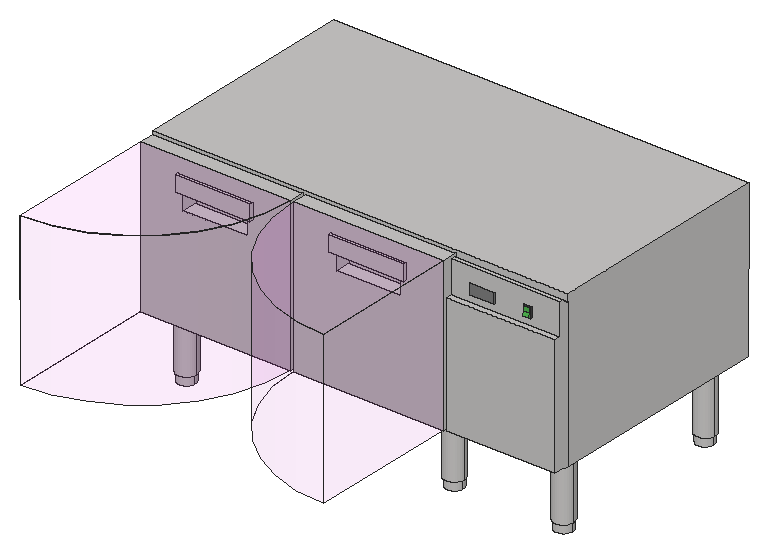
Revit family "QF_ELECTROLUXPROFESSIONAL_371371_E7TTCPCOMIN", category Specialty Equipment, Revit 2018
Family settings
  Round Connector Dimension = Use Diameter
  Part Type = Normal
  Work Plane-Based = No
  Always vertical = Yes
  Cut with Voids When Loaded = No
  Shared = No
  Room Calculation Point = No
Parameters
  Weight = 95.00 kg
  Watts = 0 W
  Volts = 0 V
  URL Manufacturer = ""
  URL = ""
  Steam Supply Size = 0 mm
  Steam Supply Minimum Pressure = 0.0 Pa
  Steam Supply Maximum Pressure = 0.0 Pa
  Steam Pounds per Hour = 0
  Refrigeration Suction Line Size = 0 mm
  Refrigeration Liquid Line Size = 0 mm
  Refrigerant Compressor Remote = yes
  Manufacturer = ""
  Phase = 0
  Model = ""
  Length Actual = 1200 mm  # constant formula
  Item Number = ""
  Hot Water Size = 0 mm
  Height Actual = 600 mm  # constant formula
  HP = "0.5 HP"
  Gas Size = 0 mm
  Gas KW = 0
  Gas Input Pressure = 0 W
  Direct Waste Size = 12.7 mm
  Description = ""
  Depth Actual = 700 mm  # constant formula
  Cycle = 0 Hz
  Condensate Return Size = 0 mm
  Compressed Air Volume = 0.0 L/s
  Compressed Air Size = 0 mm
  Compressed Air Pressure = 0.0 Pa
  Cold Water Size = 0 mm
  Accessory = yes
Reference planes
  plane 1 "Center X": y = 0
  plane 2: z = 0
  plane 3 "Centro (Sinistra/Destra)": x = 0
  plane 4: z = 200
  plane 5 "TOP": z = 650
  plane 6 "BACK": y = 350
  plane 7 "FRONT": y = -350
  plane 8 "LEFT": x = -600
  plane 9 "RIGHT": x = 600
  plane 10: y = -303
  plane 11: y = -348
  plane 12: x = -545
  plane 13: x = 545
  plane 14: x = 229
  plane 15: y = 262
  plane 16: y = -249
  plane 17: x = 286
  plane 18: x = -599
  plane 19: x = 599
  plane 20: y = 190
  plane 21: x = 560
Forms (mm)
  Extrusion 1, solid, material "QF_Finishes_Stainless Steel"
    sketch origin (0, 0, 650) x (-1, 0, 0) y (0, -1, 0)
      loop
        line (599, -350) -> (599, 303) -> (-599, 303) -> (-599, -350) -> (599, -350)
    from -450 to 0
  Extrusion 2, solid, material "QF_Finishes_Stainless Steel"
    sketch origin (196, -342.999, 0) x (-1, 0, 0) y (0, 0, 1)
      loop
        line (795, 201.587) -> (795, 640.994) -> (360.999, 640.994) -> (360.999, 201.587) -> (795, 201.587)
      loop
        line (671.3, 506.706) -> (671.3, 585) -> (484.699, 585) -> (484.699, 506.706) -> (671.3, 506.706)
    from -5.001 to 39.999
  Extrusion 3, solid, material "QF_Finishes_Stainless Steel"
    sketch origin (599, 66.551, 0) x (0, 1, 0) y (0, 0, 1)
      loop
        line (-369.551, 629.527) -> (-386.314, 640.994) -> (-397.65, 640.994) -> (-397.65, 549.796) -> (-414.551, 549.796) -> (-414.551, 204.796) -> (-384.714, 204.796) -> (-374.993, 200) -> (-369.551, 200) -> (-369.551, 629.527)
    from 0 to -313
  Extrusion 4, solid, material "QF_Finishes_Black"
    sketch origin (583, -331.099, 630.994) x (0, 0, -1) y (1, 0, 0)
      loop
        line (32.198, -86.899) -> (61.199, -86.899) -> (61.199, -64.9) -> (32.198, -64.9) -> (32.198, -86.899)
    from 0 to 1.6
  Extrusion 5, solid, material "QF_Finishes_Grey"
    sketch origin (589, -331.099, 630.994) x (0, 0, -1) y (1, 0, 0)
      loop
        line (32.198, -248.099) -> (61.199, -248.099) -> (61.199, -178.099) -> (32.198, -178.099) -> (32.198, -248.099)
    from 0 to 1.6
  Extrusion 6, solid, material "QF_Finishes_Green"
    sketch origin (518.1, -331.099, 598.796) x (0, 0, -1) y (0, 1, 0)
      loop
        line (2.279, -3.281) -> (14.5, -3.281) -> (25.308, -8.985)
        arc (25.308, -8.985) -> (26.537, -5.394) -> (26.605, -1.6) r 12.221
        line (26.605, -1.6) -> (2.395, -1.6)
        arc (2.395, -1.6) -> (2.308, -2.439) -> (2.279, -3.281) r 12.221
    from -20 to -2
  Extrusion 7, solid, material "QF_Finishes_Stainless Steel"
    sketch origin (196, -348, 0) x (1, 0, 0) y (0, 0, 1)
      loop
        line (-686.3, 598.969) -> (-686.3, 553.969) -> (-469.699, 553.969) -> (-469.699, 598.969) -> (-686.3, 598.969)
    from 0 to 10
  Extrusion 8, solid, material "QF_Finishes_Stainless Steel"
    sketch origin (638.501, -342.999, 0) x (-1, 0, 0) y (0, 0, 1)
      loop
        line (795, 201.587) -> (795, 640.994) -> (360.999, 640.994) -> (360.999, 201.587) -> (795, 201.587)
      loop
        line (671.3, 506.706) -> (671.3, 585) -> (484.699, 585) -> (484.699, 506.706) -> (671.3, 506.706)
    from -5.001 to 39.999
  Extrusion 9, solid, material "QF_Finishes_Stainless Steel"
    sketch origin (638.501, -348, 0) x (1, 0, 0) y (0, 0, 1)
      loop
        line (-686.3, 598.969) -> (-686.3, 553.969) -> (-469.699, 553.969) -> (-469.699, 598.969) -> (-686.3, 598.969)
    from 0 to 10
  Extrusion 10, solid, material "QF_Finishes_Stainless Steel"
    sketch origin (0, 0, 0) x (1, 0, 0) y (0, 1, 0)
      loop
        circle (560, 190) r 6
    from 189.987 to 200
  Extrusion 11, solid, material "QF_Door-Drawer Clearances"
    sketch origin (0, 0, 0) x (1, 0, 0) y (0, 1, 0)
      loop
        line (-599, -348) -> (-599, -782.001)
        arc (-599, -782.001) -> (-292.115, -654.885) -> (-164.999, -348) r 434.001
        line (-164.999, -348) -> (-599, -348)
    from 201.587 to 640.994
  Extrusion 12, solid, material "QF_Door-Drawer Clearances"
    sketch origin (-321.498, 0, 0) x (-1, 0, 0) y (0, -1, 0)
      loop
        line (-599, 348) -> (-164.999, 348)
        arc (-164.999, 348) -> (-292.115, 654.885) -> (-599, 782.001) r 434.001
        line (-599, 782.001) -> (-599, 348)
    from 201.587 to 640.994
Lines and regions (mm)
  Split face 1
    outline origin (589, -332.699, 630.994) x (0, 0, -1) y (1, 0, 0)
      loop
        line (37.198, -238.099) -> (52.198, -238.099) -> (52.198, -188.099) -> (37.198, -188.099) -> (37.198, -238.099)
  Split face 2
    outline origin (589, -332.699, 630.994) x (0, 0, -1) y (1, 0, 0)
      loop
        circle (44.698, -185.099) r 1.2
  Split face 3
    outline origin (589, -332.699, 630.994) x (0, 0, -1) y (1, 0, 0)
      loop
        circle (39.698, -185.099) r 1.2
  Split face 4
    outline origin (589, -332.699, 630.994) x (0, 0, -1) y (1, 0, 0)
      loop
        circle (49.698, -185.099) r 1.2
  Split face 5
    outline origin (589, -332.699, 630.994) x (0, 0, -1) y (1, 0, 0)
      loop
        circle (39.698, -241.099) r 1.2
  Split face 6
    outline origin (589, -332.699, 630.994) x (0, 0, -1) y (1, 0, 0)
      loop
        circle (44.698, -241.099) r 1.2
  Split face 7
    outline origin (589, -332.699, 630.994) x (0, 0, -1) y (1, 0, 0)
      loop
        circle (49.698, -241.099) r 1.2
  Split face 8
    outline origin (589, -332.699, 630.994) x (0, 0, -1) y (1, 0, 0)
      loop
        line (59.151, -238.099) -> (59.151, -227.099) -> (54.151, -227.099) -> (54.151, -238.099) -> (59.151, -238.099)
  Split face 9
    outline origin (589, -332.699, 630.994) x (0, 0, -1) y (1, 0, 0)
      loop
        line (54.151, -225.099) -> (59.151, -225.099) -> (59.151, -214.099) -> (54.151, -214.099) -> (54.151, -225.099)
  Split face 10
    outline origin (602, -332.699, 630.994) x (0, 0, -1) y (1, 0, 0)
      loop
        line (54.151, -225.099) -> (59.151, -225.099) -> (59.151, -214.099) -> (54.151, -214.099) -> (54.151, -225.099)
  Split face 11
    outline origin (615, -332.699, 630.994) x (0, 0, -1) y (1, 0, 0)
      loop
        line (54.151, -225.099) -> (59.151, -225.099) -> (59.151, -214.099) -> (54.151, -214.099) -> (54.151, -225.099)
  Split face 12
    outline origin (601.5, -348, 412.291) x (0, 0, -1) y (1, 0, 0)
      loop
        arc (-85.025, -282.599) -> (-81.004, -278.61) -> (-85.004, -274.599) r 4
        line (-85.004, -274.599) -> (-117.004, -274.599)
        arc (-117.004, -274.599) -> (-121.004, -278.61) -> (-116.984, -282.599) r 4
        line (-116.984, -282.599) -> (-85.025, -282.599)
  Split face 13
    outline origin (613.5, -348, 412.291) x (0, 0, -1) y (1, 0, 0)
      loop
        arc (-85.025, -282.599) -> (-81.004, -278.61) -> (-85.004, -274.599) r 4
        line (-85.004, -274.599) -> (-117.004, -274.599)
        arc (-117.004, -274.599) -> (-121.004, -278.61) -> (-116.984, -282.599) r 4
        line (-116.984, -282.599) -> (-85.025, -282.599)
  Split face 14
    outline origin (625.5, -348, 412.291) x (0, 0, -1) y (1, 0, 0)
      loop
        arc (-85.025, -282.599) -> (-81.004, -278.61) -> (-85.004, -274.599) r 4
        line (-85.004, -274.599) -> (-117.004, -274.599)
        arc (-117.004, -274.599) -> (-121.004, -278.61) -> (-116.984, -282.599) r 4
        line (-116.984, -282.599) -> (-85.025, -282.599)
  Split face 15
    outline origin (637.397, -348, 412.291) x (0, 0, -1) y (1, 0, 0)
      loop
        arc (-85.025, -282.599) -> (-81.004, -278.61) -> (-85.004, -274.599) r 4
        line (-85.004, -274.599) -> (-117.004, -274.599)
        arc (-117.004, -274.599) -> (-121.004, -278.61) -> (-116.984, -282.599) r 4
        line (-116.984, -282.599) -> (-85.025, -282.599)
  Split face 16
    outline origin (649.396, -348, 412.291) x (0, 0, -1) y (1, 0, 0)
      loop
        arc (-85.025, -282.599) -> (-81.004, -278.61) -> (-85.004, -274.599) r 4
        line (-85.004, -274.599) -> (-117.004, -274.599)
        arc (-117.004, -274.599) -> (-121.004, -278.61) -> (-116.984, -282.599) r 4
        line (-116.984, -282.599) -> (-85.025, -282.599)
  Split face 17
    outline origin (661.396, -348, 412.291) x (0, 0, -1) y (1, 0, 0)
      loop
        arc (-85.025, -282.599) -> (-81.004, -278.61) -> (-85.004, -274.599) r 4
        line (-85.004, -274.599) -> (-117.004, -274.599)
        arc (-117.004, -274.599) -> (-121.004, -278.61) -> (-116.984, -282.599) r 4
        line (-116.984, -282.599) -> (-85.025, -282.599)
  Split face 18
    outline origin (673.396, -348, 412.291) x (0, 0, -1) y (1, 0, 0)
      loop
        arc (-85.025, -282.599) -> (-81.004, -278.61) -> (-85.004, -274.599) r 4
        line (-85.004, -274.599) -> (-117.004, -274.599)
        arc (-117.004, -274.599) -> (-121.004, -278.61) -> (-116.984, -282.599) r 4
        line (-116.984, -282.599) -> (-85.025, -282.599)
  Split face 19
    outline origin (685.397, -348, 412.291) x (0, 0, -1) y (1, 0, 0)
      loop
        arc (-85.025, -282.599) -> (-81.004, -278.61) -> (-85.004, -274.599) r 4
        line (-85.004, -274.599) -> (-117.004, -274.599)
        arc (-117.004, -274.599) -> (-121.004, -278.61) -> (-116.984, -282.599) r 4
        line (-116.984, -282.599) -> (-85.025, -282.599)
  Split face 20
    outline origin (697.396, -348, 412.291) x (0, 0, -1) y (1, 0, 0)
      loop
        arc (-85.025, -282.599) -> (-81.004, -278.61) -> (-85.004, -274.599) r 4
        line (-85.004, -274.599) -> (-117.004, -274.599)
        arc (-117.004, -274.599) -> (-121.004, -278.61) -> (-116.984, -282.599) r 4
        line (-116.984, -282.599) -> (-85.025, -282.599)
  Split face 21
    outline origin (704.396, -348, 412.291) x (0, 0, -1) y (1, 0, 0)
      loop
        arc (-85.025, -242.399) -> (-81.004, -238.41) -> (-85.004, -234.4) r 4
        line (-85.004, -234.4) -> (-117.004, -234.4)
        arc (-117.004, -234.4) -> (-121.004, -238.41) -> (-116.984, -242.399) r 4
        line (-116.984, -242.399) -> (-85.025, -242.399)
  Split face 22
    outline origin (716.396, -348, 412.291) x (0, 0, -1) y (1, 0, 0)
      loop
        arc (-85.025, -242.399) -> (-81.004, -238.41) -> (-85.004, -234.4) r 4
        line (-85.004, -234.4) -> (-117.004, -234.4)
        arc (-117.004, -234.4) -> (-121.004, -238.41) -> (-116.984, -242.399) r 4
        line (-116.984, -242.399) -> (-85.025, -242.399)
  Split face 23
    outline origin (728.396, -348, 412.291) x (0, 0, -1) y (1, 0, 0)
      loop
        arc (-85.025, -242.399) -> (-81.004, -238.41) -> (-85.004, -234.4) r 4
        line (-85.004, -234.4) -> (-117.004, -234.4)
        arc (-117.004, -234.4) -> (-121.004, -238.41) -> (-116.984, -242.399) r 4
        line (-116.984, -242.399) -> (-85.025, -242.399)
  Split face 24
    outline origin (740.396, -348, 412.291) x (0, 0, -1) y (1, 0, 0)
      loop
        arc (-85.025, -242.399) -> (-81.004, -238.41) -> (-85.004, -234.4) r 4
        line (-85.004, -234.4) -> (-117.004, -234.4)
        arc (-117.004, -234.4) -> (-121.004, -238.41) -> (-116.984, -242.399) r 4
        line (-116.984, -242.399) -> (-85.025, -242.399)
  Split face 25
    outline origin (752.396, -348, 412.291) x (0, 0, -1) y (1, 0, 0)
      loop
        arc (-85.025, -242.399) -> (-81.004, -238.41) -> (-85.004, -234.4) r 4
        line (-85.004, -234.4) -> (-117.004, -234.4)
        arc (-117.004, -234.4) -> (-121.004, -238.41) -> (-116.984, -242.399) r 4
        line (-116.984, -242.399) -> (-85.025, -242.399)
  Split face 26
    outline origin (764.396, -348, 412.291) x (0, 0, -1) y (1, 0, 0)
      loop
        arc (-85.025, -242.399) -> (-81.004, -238.41) -> (-85.004, -234.4) r 4
        line (-85.004, -234.4) -> (-117.004, -234.4)
        arc (-117.004, -234.4) -> (-121.004, -238.41) -> (-116.984, -242.399) r 4
        line (-116.984, -242.399) -> (-85.025, -242.399)
  Split face 27
    outline origin (776.396, -348, 412.291) x (0, 0, -1) y (1, 0, 0)
      loop
        arc (-85.025, -242.399) -> (-81.004, -238.41) -> (-85.004, -234.4) r 4
        line (-85.004, -234.4) -> (-117.004, -234.4)
        arc (-117.004, -234.4) -> (-121.004, -238.41) -> (-116.984, -242.399) r 4
        line (-116.984, -242.399) -> (-85.025, -242.399)
  Split face 28
    outline origin (788.396, -348, 412.291) x (0, 0, -1) y (1, 0, 0)
      loop
        arc (-85.025, -242.399) -> (-81.004, -238.41) -> (-85.004, -234.4) r 4
        line (-85.004, -234.4) -> (-117.004, -234.4)
        arc (-117.004, -234.4) -> (-121.004, -238.41) -> (-116.984, -242.399) r 4
        line (-116.984, -242.399) -> (-85.025, -242.399)
  Split face 29
    outline origin (800.396, -348, 412.291) x (0, 0, -1) y (1, 0, 0)
      loop
        arc (-85.025, -242.399) -> (-81.004, -238.41) -> (-85.004, -234.4) r 4
        line (-85.004, -234.4) -> (-117.004, -234.4)
        arc (-117.004, -234.4) -> (-121.004, -238.41) -> (-116.984, -242.399) r 4
        line (-116.984, -242.399) -> (-85.025, -242.399)
  Split face 30
    outline origin (812.396, -348, 412.291) x (0, 0, -1) y (1, 0, 0)
      loop
        arc (-85.025, -242.399) -> (-81.004, -238.41) -> (-85.004, -234.4) r 4
        line (-85.004, -234.4) -> (-117.004, -234.4)
        arc (-117.004, -234.4) -> (-121.004, -238.41) -> (-116.984, -242.399) r 4
        line (-116.984, -242.399) -> (-85.025, -242.399)
  Split face 31
    outline origin (589.5, -348, 412.291) x (0, 0, -1) y (1, 0, 0)
      loop
        arc (-85.025, -282.599) -> (-81.004, -278.61) -> (-85.004, -274.599) r 4
        line (-85.004, -274.599) -> (-117.004, -274.599)
        arc (-117.004, -274.599) -> (-121.004, -278.61) -> (-116.984, -282.599) r 4
        line (-116.984, -282.599) -> (-85.025, -282.599)
  Split face 32
    outline origin (601.5, -348, 367.29) x (0, 0, -1) y (1, 0, 0)
      loop
        arc (-85.025, -282.599) -> (-81.004, -278.61) -> (-85.004, -274.599) r 4
        line (-85.004, -274.599) -> (-117.004, -274.599)
        arc (-117.004, -274.599) -> (-121.004, -278.61) -> (-116.984, -282.599) r 4
        line (-116.984, -282.599) -> (-85.025, -282.599)
  Split face 33
    outline origin (613.5, -348, 367.29) x (0, 0, -1) y (1, 0, 0)
      loop
        arc (-85.025, -282.599) -> (-81.004, -278.61) -> (-85.004, -274.599) r 4
        line (-85.004, -274.599) -> (-117.004, -274.599)
        arc (-117.004, -274.599) -> (-121.004, -278.61) -> (-116.984, -282.599) r 4
        line (-116.984, -282.599) -> (-85.025, -282.599)
  Split face 34
    outline origin (625.5, -348, 367.29) x (0, 0, -1) y (1, 0, 0)
      loop
        arc (-85.025, -282.599) -> (-81.004, -278.61) -> (-85.004, -274.599) r 4
        line (-85.004, -274.599) -> (-117.004, -274.599)
        arc (-117.004, -274.599) -> (-121.004, -278.61) -> (-116.984, -282.599) r 4
        line (-116.984, -282.599) -> (-85.025, -282.599)
  Split face 35
    outline origin (637.397, -348, 367.29) x (0, 0, -1) y (1, 0, 0)
      loop
        arc (-85.025, -282.599) -> (-81.004, -278.61) -> (-85.004, -274.599) r 4
        line (-85.004, -274.599) -> (-117.004, -274.599)
        arc (-117.004, -274.599) -> (-121.004, -278.61) -> (-116.984, -282.599) r 4
        line (-116.984, -282.599) -> (-85.025, -282.599)
  Split face 36
    outline origin (649.396, -348, 367.29) x (0, 0, -1) y (1, 0, 0)
      loop
        arc (-85.025, -282.599) -> (-81.004, -278.61) -> (-85.004, -274.599) r 4
        line (-85.004, -274.599) -> (-117.004, -274.599)
        arc (-117.004, -274.599) -> (-121.004, -278.61) -> (-116.984, -282.599) r 4
        line (-116.984, -282.599) -> (-85.025, -282.599)
  Split face 37
    outline origin (661.396, -348, 367.29) x (0, 0, -1) y (1, 0, 0)
      loop
        arc (-85.025, -282.599) -> (-81.004, -278.61) -> (-85.004, -274.599) r 4
        line (-85.004, -274.599) -> (-117.004, -274.599)
        arc (-117.004, -274.599) -> (-121.004, -278.61) -> (-116.984, -282.599) r 4
        line (-116.984, -282.599) -> (-85.025, -282.599)
  Split face 38
    outline origin (673.396, -348, 367.29) x (0, 0, -1) y (1, 0, 0)
      loop
        arc (-85.025, -282.599) -> (-81.004, -278.61) -> (-85.004, -274.599) r 4
        line (-85.004, -274.599) -> (-117.004, -274.599)
        arc (-117.004, -274.599) -> (-121.004, -278.61) -> (-116.984, -282.599) r 4
        line (-116.984, -282.599) -> (-85.025, -282.599)
  Split face 39
    outline origin (685.397, -348, 367.29) x (0, 0, -1) y (1, 0, 0)
      loop
        arc (-85.025, -282.599) -> (-81.004, -278.61) -> (-85.004, -274.599) r 4
        line (-85.004, -274.599) -> (-117.004, -274.599)
        arc (-117.004, -274.599) -> (-121.004, -278.61) -> (-116.984, -282.599) r 4
        line (-116.984, -282.599) -> (-85.025, -282.599)
  Split face 40
    outline origin (697.396, -348, 367.29) x (0, 0, -1) y (1, 0, 0)
      loop
        arc (-85.025, -282.599) -> (-81.004, -278.61) -> (-85.004, -274.599) r 4
        line (-85.004, -274.599) -> (-117.004, -274.599)
        arc (-117.004, -274.599) -> (-121.004, -278.61) -> (-116.984, -282.599) r 4
        line (-116.984, -282.599) -> (-85.025, -282.599)
  Split face 41
    outline origin (704.396, -348, 367.29) x (0, 0, -1) y (1, 0, 0)
      loop
        arc (-85.025, -242.399) -> (-81.004, -238.41) -> (-85.004, -234.4) r 4
        line (-85.004, -234.4) -> (-117.004, -234.4)
        arc (-117.004, -234.4) -> (-121.004, -238.41) -> (-116.984, -242.399) r 4
        line (-116.984, -242.399) -> (-85.025, -242.399)
  Split face 42
    outline origin (716.396, -348, 367.29) x (0, 0, -1) y (1, 0, 0)
      loop
        arc (-85.025, -242.399) -> (-81.004, -238.41) -> (-85.004, -234.4) r 4
        line (-85.004, -234.4) -> (-117.004, -234.4)
        arc (-117.004, -234.4) -> (-121.004, -238.41) -> (-116.984, -242.399) r 4
        line (-116.984, -242.399) -> (-85.025, -242.399)
  Split face 43
    outline origin (728.396, -348, 367.29) x (0, 0, -1) y (1, 0, 0)
      loop
        arc (-85.025, -242.399) -> (-81.004, -238.41) -> (-85.004, -234.4) r 4
        line (-85.004, -234.4) -> (-117.004, -234.4)
        arc (-117.004, -234.4) -> (-121.004, -238.41) -> (-116.984, -242.399) r 4
        line (-116.984, -242.399) -> (-85.025, -242.399)
  Split face 44
    outline origin (740.396, -348, 367.29) x (0, 0, -1) y (1, 0, 0)
      loop
        arc (-85.025, -242.399) -> (-81.004, -238.41) -> (-85.004, -234.4) r 4
        line (-85.004, -234.4) -> (-117.004, -234.4)
        arc (-117.004, -234.4) -> (-121.004, -238.41) -> (-116.984, -242.399) r 4
        line (-116.984, -242.399) -> (-85.025, -242.399)
  Split face 45
    outline origin (752.396, -348, 367.29) x (0, 0, -1) y (1, 0, 0)
      loop
        arc (-85.025, -242.399) -> (-81.004, -238.41) -> (-85.004, -234.4) r 4
        line (-85.004, -234.4) -> (-117.004, -234.4)
        arc (-117.004, -234.4) -> (-121.004, -238.41) -> (-116.984, -242.399) r 4
        line (-116.984, -242.399) -> (-85.025, -242.399)
  Split face 46
    outline origin (764.396, -348, 367.29) x (0, 0, -1) y (1, 0, 0)
      loop
        arc (-85.025, -242.399) -> (-81.004, -238.41) -> (-85.004, -234.4) r 4
        line (-85.004, -234.4) -> (-117.004, -234.4)
        arc (-117.004, -234.4) -> (-121.004, -238.41) -> (-116.984, -242.399) r 4
        line (-116.984, -242.399) -> (-85.025, -242.399)
  Split face 47
    outline origin (776.396, -348, 367.29) x (0, 0, -1) y (1, 0, 0)
      loop
        arc (-85.025, -242.399) -> (-81.004, -238.41) -> (-85.004, -234.4) r 4
        line (-85.004, -234.4) -> (-117.004, -234.4)
        arc (-117.004, -234.4) -> (-121.004, -238.41) -> (-116.984, -242.399) r 4
        line (-116.984, -242.399) -> (-85.025, -242.399)
  Split face 48
    outline origin (788.396, -348, 367.29) x (0, 0, -1) y (1, 0, 0)
      loop
        arc (-85.025, -242.399) -> (-81.004, -238.41) -> (-85.004, -234.4) r 4
        line (-85.004, -234.4) -> (-117.004, -234.4)
        arc (-117.004, -234.4) -> (-121.004, -238.41) -> (-116.984, -242.399) r 4
        line (-116.984, -242.399) -> (-85.025, -242.399)
  Split face 49
    outline origin (800.396, -348, 367.29) x (0, 0, -1) y (1, 0, 0)
      loop
        arc (-85.025, -242.399) -> (-81.004, -238.41) -> (-85.004, -234.4) r 4
        line (-85.004, -234.4) -> (-117.004, -234.4)
        arc (-117.004, -234.4) -> (-121.004, -238.41) -> (-116.984, -242.399) r 4
        line (-116.984, -242.399) -> (-85.025, -242.399)
  Split face 50
    outline origin (812.396, -348, 367.29) x (0, 0, -1) y (1, 0, 0)
      loop
        arc (-85.025, -242.399) -> (-81.004, -238.41) -> (-85.004, -234.4) r 4
        line (-85.004, -234.4) -> (-117.004, -234.4)
        arc (-117.004, -234.4) -> (-121.004, -238.41) -> (-116.984, -242.399) r 4
        line (-116.984, -242.399) -> (-85.025, -242.399)
  Split face 51
    outline origin (589.5, -348, 367.29) x (0, 0, -1) y (1, 0, 0)
      loop
        arc (-85.025, -282.599) -> (-81.004, -278.61) -> (-85.004, -274.599) r 4
        line (-85.004, -274.599) -> (-117.004, -274.599)
        arc (-117.004, -274.599) -> (-121.004, -278.61) -> (-116.984, -282.599) r 4
        line (-116.984, -282.599) -> (-85.025, -282.599)
  Split face 52
    outline origin (601.5, -348, 322.29) x (0, 0, -1) y (1, 0, 0)
      loop
        arc (-85.025, -282.599) -> (-81.004, -278.61) -> (-85.004, -274.599) r 4
        line (-85.004, -274.599) -> (-117.004, -274.599)
        arc (-117.004, -274.599) -> (-121.004, -278.61) -> (-116.984, -282.599) r 4
        line (-116.984, -282.599) -> (-85.025, -282.599)
  Split face 53
    outline origin (613.5, -348, 322.29) x (0, 0, -1) y (1, 0, 0)
      loop
        arc (-85.025, -282.599) -> (-81.004, -278.61) -> (-85.004, -274.599) r 4
        line (-85.004, -274.599) -> (-117.004, -274.599)
        arc (-117.004, -274.599) -> (-121.004, -278.61) -> (-116.984, -282.599) r 4
        line (-116.984, -282.599) -> (-85.025, -282.599)
  Split face 54
    outline origin (625.5, -348, 322.29) x (0, 0, -1) y (1, 0, 0)
      loop
        arc (-85.025, -282.599) -> (-81.004, -278.61) -> (-85.004, -274.599) r 4
        line (-85.004, -274.599) -> (-117.004, -274.599)
        arc (-117.004, -274.599) -> (-121.004, -278.61) -> (-116.984, -282.599) r 4
        line (-116.984, -282.599) -> (-85.025, -282.599)
  Split face 55
    outline origin (637.397, -348, 322.29) x (0, 0, -1) y (1, 0, 0)
      loop
        arc (-85.025, -282.599) -> (-81.004, -278.61) -> (-85.004, -274.599) r 4
        line (-85.004, -274.599) -> (-117.004, -274.599)
        arc (-117.004, -274.599) -> (-121.004, -278.61) -> (-116.984, -282.599) r 4
        line (-116.984, -282.599) -> (-85.025, -282.599)
  Split face 56
    outline origin (649.396, -348, 322.29) x (0, 0, -1) y (1, 0, 0)
      loop
        arc (-85.025, -282.599) -> (-81.004, -278.61) -> (-85.004, -274.599) r 4
        line (-85.004, -274.599) -> (-117.004, -274.599)
        arc (-117.004, -274.599) -> (-121.004, -278.61) -> (-116.984, -282.599) r 4
        line (-116.984, -282.599) -> (-85.025, -282.599)
  Split face 57
    outline origin (661.396, -348, 322.29) x (0, 0, -1) y (1, 0, 0)
      loop
        arc (-85.025, -282.599) -> (-81.004, -278.61) -> (-85.004, -274.599) r 4
        line (-85.004, -274.599) -> (-117.004, -274.599)
        arc (-117.004, -274.599) -> (-121.004, -278.61) -> (-116.984, -282.599) r 4
        line (-116.984, -282.599) -> (-85.025, -282.599)
  Split face 58
    outline origin (673.396, -348, 322.29) x (0, 0, -1) y (1, 0, 0)
      loop
        arc (-85.025, -282.599) -> (-81.004, -278.61) -> (-85.004, -274.599) r 4
        line (-85.004, -274.599) -> (-117.004, -274.599)
        arc (-117.004, -274.599) -> (-121.004, -278.61) -> (-116.984, -282.599) r 4
        line (-116.984, -282.599) -> (-85.025, -282.599)
  Split face 59
    outline origin (685.397, -348, 322.29) x (0, 0, -1) y (1, 0, 0)
      loop
        arc (-85.025, -282.599) -> (-81.004, -278.61) -> (-85.004, -274.599) r 4
        line (-85.004, -274.599) -> (-117.004, -274.599)
        arc (-117.004, -274.599) -> (-121.004, -278.61) -> (-116.984, -282.599) r 4
        line (-116.984, -282.599) -> (-85.025, -282.599)
  Split face 60
    outline origin (697.396, -348, 322.29) x (0, 0, -1) y (1, 0, 0)
      loop
        arc (-85.025, -282.599) -> (-81.004, -278.61) -> (-85.004, -274.599) r 4
        line (-85.004, -274.599) -> (-117.004, -274.599)
        arc (-117.004, -274.599) -> (-121.004, -278.61) -> (-116.984, -282.599) r 4
        line (-116.984, -282.599) -> (-85.025, -282.599)
  Split face 61
    outline origin (704.396, -348, 322.29) x (0, 0, -1) y (1, 0, 0)
      loop
        arc (-85.025, -242.399) -> (-81.004, -238.41) -> (-85.004, -234.4) r 4
        line (-85.004, -234.4) -> (-117.004, -234.4)
        arc (-117.004, -234.4) -> (-121.004, -238.41) -> (-116.984, -242.399) r 4
        line (-116.984, -242.399) -> (-85.025, -242.399)
  Split face 62
    outline origin (716.396, -348, 322.29) x (0, 0, -1) y (1, 0, 0)
      loop
        arc (-85.025, -242.399) -> (-81.004, -238.41) -> (-85.004, -234.4) r 4
        line (-85.004, -234.4) -> (-117.004, -234.4)
        arc (-117.004, -234.4) -> (-121.004, -238.41) -> (-116.984, -242.399) r 4
        line (-116.984, -242.399) -> (-85.025, -242.399)
  Split face 63
    outline origin (728.396, -348, 322.29) x (0, 0, -1) y (1, 0, 0)
      loop
        arc (-85.025, -242.399) -> (-81.004, -238.41) -> (-85.004, -234.4) r 4
        line (-85.004, -234.4) -> (-117.004, -234.4)
        arc (-117.004, -234.4) -> (-121.004, -238.41) -> (-116.984, -242.399) r 4
        line (-116.984, -242.399) -> (-85.025, -242.399)
  Split face 64
    outline origin (740.396, -348, 322.29) x (0, 0, -1) y (1, 0, 0)
      loop
        arc (-85.025, -242.399) -> (-81.004, -238.41) -> (-85.004, -234.4) r 4
        line (-85.004, -234.4) -> (-117.004, -234.4)
        arc (-117.004, -234.4) -> (-121.004, -238.41) -> (-116.984, -242.399) r 4
        line (-116.984, -242.399) -> (-85.025, -242.399)
  Split face 65
    outline origin (752.396, -348, 322.29) x (0, 0, -1) y (1, 0, 0)
      loop
        arc (-85.025, -242.399) -> (-81.004, -238.41) -> (-85.004, -234.4) r 4
        line (-85.004, -234.4) -> (-117.004, -234.4)
        arc (-117.004, -234.4) -> (-121.004, -238.41) -> (-116.984, -242.399) r 4
        line (-116.984, -242.399) -> (-85.025, -242.399)
  Split face 66
    outline origin (764.396, -348, 322.29) x (0, 0, -1) y (1, 0, 0)
      loop
        arc (-85.025, -242.399) -> (-81.004, -238.41) -> (-85.004, -234.4) r 4
        line (-85.004, -234.4) -> (-117.004, -234.4)
        arc (-117.004, -234.4) -> (-121.004, -238.41) -> (-116.984, -242.399) r 4
        line (-116.984, -242.399) -> (-85.025, -242.399)
  Split face 67
    outline origin (776.396, -348, 322.29) x (0, 0, -1) y (1, 0, 0)
      loop
        arc (-85.025, -242.399) -> (-81.004, -238.41) -> (-85.004, -234.4) r 4
        line (-85.004, -234.4) -> (-117.004, -234.4)
        arc (-117.004, -234.4) -> (-121.004, -238.41) -> (-116.984, -242.399) r 4
        line (-116.984, -242.399) -> (-85.025, -242.399)
  Split face 68
    outline origin (788.396, -348, 322.29) x (0, 0, -1) y (1, 0, 0)
      loop
        arc (-85.025, -242.399) -> (-81.004, -238.41) -> (-85.004, -234.4) r 4
        line (-85.004, -234.4) -> (-117.004, -234.4)
        arc (-117.004, -234.4) -> (-121.004, -238.41) -> (-116.984, -242.399) r 4
        line (-116.984, -242.399) -> (-85.025, -242.399)
  Split face 69
    outline origin (800.396, -348, 322.29) x (0, 0, -1) y (1, 0, 0)
      loop
        arc (-85.025, -242.399) -> (-81.004, -238.41) -> (-85.004, -234.4) r 4
        line (-85.004, -234.4) -> (-117.004, -234.4)
        arc (-117.004, -234.4) -> (-121.004, -238.41) -> (-116.984, -242.399) r 4
        line (-116.984, -242.399) -> (-85.025, -242.399)
  Split face 70
    outline origin (812.396, -348, 322.29) x (0, 0, -1) y (1, 0, 0)
      loop
        arc (-85.025, -242.399) -> (-81.004, -238.41) -> (-85.004, -234.4) r 4
        line (-85.004, -234.4) -> (-117.004, -234.4)
        arc (-117.004, -234.4) -> (-121.004, -238.41) -> (-116.984, -242.399) r 4
        line (-116.984, -242.399) -> (-85.025, -242.399)
  Split face 71
    outline origin (589.5, -348, 322.29) x (0, 0, -1) y (1, 0, 0)
      loop
        arc (-85.025, -282.599) -> (-81.004, -278.61) -> (-85.004, -274.599) r 4
        line (-85.004, -274.599) -> (-117.004, -274.599)
        arc (-117.004, -274.599) -> (-121.004, -278.61) -> (-116.984, -282.599) r 4
        line (-116.984, -282.599) -> (-85.025, -282.599)
  Split face 72
    outline origin (601.5, -348, 277.29) x (0, 0, -1) y (1, 0, 0)
      loop
        arc (-85.025, -282.599) -> (-81.004, -278.61) -> (-85.004, -274.599) r 4
        line (-85.004, -274.599) -> (-117.004, -274.599)
        arc (-117.004, -274.599) -> (-121.004, -278.61) -> (-116.984, -282.599) r 4
        line (-116.984, -282.599) -> (-85.025, -282.599)
  Split face 73
    outline origin (613.5, -348, 277.29) x (0, 0, -1) y (1, 0, 0)
      loop
        arc (-85.025, -282.599) -> (-81.004, -278.61) -> (-85.004, -274.599) r 4
        line (-85.004, -274.599) -> (-117.004, -274.599)
        arc (-117.004, -274.599) -> (-121.004, -278.61) -> (-116.984, -282.599) r 4
        line (-116.984, -282.599) -> (-85.025, -282.599)
  Split face 74
    outline origin (625.5, -348, 277.29) x (0, 0, -1) y (1, 0, 0)
      loop
        arc (-85.025, -282.599) -> (-81.004, -278.61) -> (-85.004, -274.599) r 4
        line (-85.004, -274.599) -> (-117.004, -274.599)
        arc (-117.004, -274.599) -> (-121.004, -278.61) -> (-116.984, -282.599) r 4
        line (-116.984, -282.599) -> (-85.025, -282.599)
  Split face 75
    outline origin (637.397, -348, 277.29) x (0, 0, -1) y (1, 0, 0)
      loop
        arc (-85.025, -282.599) -> (-81.004, -278.61) -> (-85.004, -274.599) r 4
        line (-85.004, -274.599) -> (-117.004, -274.599)
        arc (-117.004, -274.599) -> (-121.004, -278.61) -> (-116.984, -282.599) r 4
        line (-116.984, -282.599) -> (-85.025, -282.599)
  Split face 76
    outline origin (649.396, -348, 277.29) x (0, 0, -1) y (1, 0, 0)
      loop
        arc (-85.025, -282.599) -> (-81.004, -278.61) -> (-85.004, -274.599) r 4
        line (-85.004, -274.599) -> (-117.004, -274.599)
        arc (-117.004, -274.599) -> (-121.004, -278.61) -> (-116.984, -282.599) r 4
        line (-116.984, -282.599) -> (-85.025, -282.599)
  Split face 77
    outline origin (661.396, -348, 277.29) x (0, 0, -1) y (1, 0, 0)
      loop
        arc (-85.025, -282.599) -> (-81.004, -278.61) -> (-85.004, -274.599) r 4
        line (-85.004, -274.599) -> (-117.004, -274.599)
        arc (-117.004, -274.599) -> (-121.004, -278.61) -> (-116.984, -282.599) r 4
        line (-116.984, -282.599) -> (-85.025, -282.599)
  Split face 78
    outline origin (673.396, -348, 277.29) x (0, 0, -1) y (1, 0, 0)
      loop
        arc (-85.025, -282.599) -> (-81.004, -278.61) -> (-85.004, -274.599) r 4
        line (-85.004, -274.599) -> (-117.004, -274.599)
        arc (-117.004, -274.599) -> (-121.004, -278.61) -> (-116.984, -282.599) r 4
        line (-116.984, -282.599) -> (-85.025, -282.599)
  Split face 79
    outline origin (685.397, -348, 277.29) x (0, 0, -1) y (1, 0, 0)
      loop
        arc (-85.025, -282.599) -> (-81.004, -278.61) -> (-85.004, -274.599) r 4
        line (-85.004, -274.599) -> (-117.004, -274.599)
        arc (-117.004, -274.599) -> (-121.004, -278.61) -> (-116.984, -282.599) r 4
        line (-116.984, -282.599) -> (-85.025, -282.599)
  Split face 80
    outline origin (697.396, -348, 277.29) x (0, 0, -1) y (1, 0, 0)
      loop
        arc (-85.025, -282.599) -> (-81.004, -278.61) -> (-85.004, -274.599) r 4
        line (-85.004, -274.599) -> (-117.004, -274.599)
        arc (-117.004, -274.599) -> (-121.004, -278.61) -> (-116.984, -282.599) r 4
        line (-116.984, -282.599) -> (-85.025, -282.599)
  Split face 81
    outline origin (704.396, -348, 277.29) x (0, 0, -1) y (1, 0, 0)
      loop
        arc (-85.025, -242.399) -> (-81.004, -238.41) -> (-85.004, -234.4) r 4
        line (-85.004, -234.4) -> (-117.004, -234.4)
        arc (-117.004, -234.4) -> (-121.004, -238.41) -> (-116.984, -242.399) r 4
        line (-116.984, -242.399) -> (-85.025, -242.399)
  Split face 82
    outline origin (716.396, -348, 277.29) x (0, 0, -1) y (1, 0, 0)
      loop
        arc (-85.025, -242.399) -> (-81.004, -238.41) -> (-85.004, -234.4) r 4
        line (-85.004, -234.4) -> (-117.004, -234.4)
        arc (-117.004, -234.4) -> (-121.004, -238.41) -> (-116.984, -242.399) r 4
        line (-116.984, -242.399) -> (-85.025, -242.399)
  Split face 83
    outline origin (728.396, -348, 277.29) x (0, 0, -1) y (1, 0, 0)
      loop
        arc (-85.025, -242.399) -> (-81.004, -238.41) -> (-85.004, -234.4) r 4
        line (-85.004, -234.4) -> (-117.004, -234.4)
        arc (-117.004, -234.4) -> (-121.004, -238.41) -> (-116.984, -242.399) r 4
        line (-116.984, -242.399) -> (-85.025, -242.399)
  Split face 84
    outline origin (740.396, -348, 277.29) x (0, 0, -1) y (1, 0, 0)
      loop
        arc (-85.025, -242.399) -> (-81.004, -238.41) -> (-85.004, -234.4) r 4
        line (-85.004, -234.4) -> (-117.004, -234.4)
        arc (-117.004, -234.4) -> (-121.004, -238.41) -> (-116.984, -242.399) r 4
        line (-116.984, -242.399) -> (-85.025, -242.399)
  Split face 85
    outline origin (752.396, -348, 277.29) x (0, 0, -1) y (1, 0, 0)
      loop
        arc (-85.025, -242.399) -> (-81.004, -238.41) -> (-85.004, -234.4) r 4
        line (-85.004, -234.4) -> (-117.004, -234.4)
        arc (-117.004, -234.4) -> (-121.004, -238.41) -> (-116.984, -242.399) r 4
        line (-116.984, -242.399) -> (-85.025, -242.399)
  Split face 86
    outline origin (764.396, -348, 277.29) x (0, 0, -1) y (1, 0, 0)
      loop
        arc (-85.025, -242.399) -> (-81.004, -238.41) -> (-85.004, -234.4) r 4
        line (-85.004, -234.4) -> (-117.004, -234.4)
        arc (-117.004, -234.4) -> (-121.004, -238.41) -> (-116.984, -242.399) r 4
        line (-116.984, -242.399) -> (-85.025, -242.399)
  Split face 87
    outline origin (776.396, -348, 277.29) x (0, 0, -1) y (1, 0, 0)
      loop
        arc (-85.025, -242.399) -> (-81.004, -238.41) -> (-85.004, -234.4) r 4
        line (-85.004, -234.4) -> (-117.004, -234.4)
        arc (-117.004, -234.4) -> (-121.004, -238.41) -> (-116.984, -242.399) r 4
        line (-116.984, -242.399) -> (-85.025, -242.399)
  Split face 88
    outline origin (788.396, -348, 277.29) x (0, 0, -1) y (1, 0, 0)
      loop
        arc (-85.025, -242.399) -> (-81.004, -238.41) -> (-85.004, -234.4) r 4
        line (-85.004, -234.4) -> (-117.004, -234.4)
        arc (-117.004, -234.4) -> (-121.004, -238.41) -> (-116.984, -242.399) r 4
        line (-116.984, -242.399) -> (-85.025, -242.399)
  Split face 89
    outline origin (800.396, -348, 277.29) x (0, 0, -1) y (1, 0, 0)
      loop
        arc (-85.025, -242.399) -> (-81.004, -238.41) -> (-85.004, -234.4) r 4
        line (-85.004, -234.4) -> (-117.004, -234.4)
        arc (-117.004, -234.4) -> (-121.004, -238.41) -> (-116.984, -242.399) r 4
        line (-116.984, -242.399) -> (-85.025, -242.399)
  Split face 90
    outline origin (812.396, -348, 277.29) x (0, 0, -1) y (1, 0, 0)
      loop
        arc (-85.025, -242.399) -> (-81.004, -238.41) -> (-85.004, -234.4) r 4
        line (-85.004, -234.4) -> (-117.004, -234.4)
        arc (-117.004, -234.4) -> (-121.004, -238.41) -> (-116.984, -242.399) r 4
        line (-116.984, -242.399) -> (-85.025, -242.399)
  Split face 91
    outline origin (589.5, -348, 277.29) x (0, 0, -1) y (1, 0, 0)
      loop
        arc (-85.025, -282.599) -> (-81.004, -278.61) -> (-85.004, -274.599) r 4
        line (-85.004, -274.599) -> (-117.004, -274.599)
        arc (-117.004, -274.599) -> (-121.004, -278.61) -> (-116.984, -282.599) r 4
        line (-116.984, -282.599) -> (-85.025, -282.599)
  Split face 92
    outline origin (601.5, -348, 232.29) x (0, 0, -1) y (1, 0, 0)
      loop
        arc (-85.025, -282.599) -> (-81.004, -278.61) -> (-85.004, -274.599) r 4
        line (-85.004, -274.599) -> (-117.004, -274.599)
        arc (-117.004, -274.599) -> (-121.004, -278.61) -> (-116.984, -282.599) r 4
        line (-116.984, -282.599) -> (-85.025, -282.599)
  Split face 93
    outline origin (613.5, -348, 232.29) x (0, 0, -1) y (1, 0, 0)
      loop
        arc (-85.025, -282.599) -> (-81.004, -278.61) -> (-85.004, -274.599) r 4
        line (-85.004, -274.599) -> (-117.004, -274.599)
        arc (-117.004, -274.599) -> (-121.004, -278.61) -> (-116.984, -282.599) r 4
        line (-116.984, -282.599) -> (-85.025, -282.599)
  Split face 94
    outline origin (625.5, -348, 232.29) x (0, 0, -1) y (1, 0, 0)
      loop
        arc (-85.025, -282.599) -> (-81.004, -278.61) -> (-85.004, -274.599) r 4
        line (-85.004, -274.599) -> (-117.004, -274.599)
        arc (-117.004, -274.599) -> (-121.004, -278.61) -> (-116.984, -282.599) r 4
        line (-116.984, -282.599) -> (-85.025, -282.599)
  Split face 95
    outline origin (637.397, -348, 232.29) x (0, 0, -1) y (1, 0, 0)
      loop
        arc (-85.025, -282.599) -> (-81.004, -278.61) -> (-85.004, -274.599) r 4
        line (-85.004, -274.599) -> (-117.004, -274.599)
        arc (-117.004, -274.599) -> (-121.004, -278.61) -> (-116.984, -282.599) r 4
        line (-116.984, -282.599) -> (-85.025, -282.599)
  Split face 96
    outline origin (649.396, -348, 232.29) x (0, 0, -1) y (1, 0, 0)
      loop
        arc (-85.025, -282.599) -> (-81.004, -278.61) -> (-85.004, -274.599) r 4
        line (-85.004, -274.599) -> (-117.004, -274.599)
        arc (-117.004, -274.599) -> (-121.004, -278.61) -> (-116.984, -282.599) r 4
        line (-116.984, -282.599) -> (-85.025, -282.599)
  Split face 97
    outline origin (661.396, -348, 232.29) x (0, 0, -1) y (1, 0, 0)
      loop
        arc (-85.025, -282.599) -> (-81.004, -278.61) -> (-85.004, -274.599) r 4
        line (-85.004, -274.599) -> (-117.004, -274.599)
        arc (-117.004, -274.599) -> (-121.004, -278.61) -> (-116.984, -282.599) r 4
        line (-116.984, -282.599) -> (-85.025, -282.599)
  Split face 98
    outline origin (673.396, -348, 232.29) x (0, 0, -1) y (1, 0, 0)
      loop
        arc (-85.025, -282.599) -> (-81.004, -278.61) -> (-85.004, -274.599) r 4
        line (-85.004, -274.599) -> (-117.004, -274.599)
        arc (-117.004, -274.599) -> (-121.004, -278.61) -> (-116.984, -282.599) r 4
        line (-116.984, -282.599) -> (-85.025, -282.599)
  Split face 99
    outline origin (685.397, -348, 232.29) x (0, 0, -1) y (1, 0, 0)
      loop
        arc (-85.025, -282.599) -> (-81.004, -278.61) -> (-85.004, -274.599) r 4
        line (-85.004, -274.599) -> (-117.004, -274.599)
        arc (-117.004, -274.599) -> (-121.004, -278.61) -> (-116.984, -282.599) r 4
        line (-116.984, -282.599) -> (-85.025, -282.599)
  Split face 100
    outline origin (697.396, -348, 232.29) x (0, 0, -1) y (1, 0, 0)
      loop
        arc (-85.025, -282.599) -> (-81.004, -278.61) -> (-85.004, -274.599) r 4
        line (-85.004, -274.599) -> (-117.004, -274.599)
        arc (-117.004, -274.599) -> (-121.004, -278.61) -> (-116.984, -282.599) r 4
        line (-116.984, -282.599) -> (-85.025, -282.599)
  Split face 101
    outline origin (704.396, -348, 232.29) x (0, 0, -1) y (1, 0, 0)
      loop
        arc (-85.025, -242.399) -> (-81.004, -238.41) -> (-85.004, -234.4) r 4
        line (-85.004, -234.4) -> (-117.004, -234.4)
        arc (-117.004, -234.4) -> (-121.004, -238.41) -> (-116.984, -242.399) r 4
        line (-116.984, -242.399) -> (-85.025, -242.399)
  Split face 102
    outline origin (716.396, -348, 232.29) x (0, 0, -1) y (1, 0, 0)
      loop
        arc (-85.025, -242.399) -> (-81.004, -238.41) -> (-85.004, -234.4) r 4
        line (-85.004, -234.4) -> (-117.004, -234.4)
        arc (-117.004, -234.4) -> (-121.004, -238.41) -> (-116.984, -242.399) r 4
        line (-116.984, -242.399) -> (-85.025, -242.399)
  Split face 103
    outline origin (728.396, -348, 232.29) x (0, 0, -1) y (1, 0, 0)
      loop
        arc (-85.025, -242.399) -> (-81.004, -238.41) -> (-85.004, -234.4) r 4
        line (-85.004, -234.4) -> (-117.004, -234.4)
        arc (-117.004, -234.4) -> (-121.004, -238.41) -> (-116.984, -242.399) r 4
        line (-116.984, -242.399) -> (-85.025, -242.399)
  Split face 104
    outline origin (740.396, -348, 232.29) x (0, 0, -1) y (1, 0, 0)
      loop
        arc (-85.025, -242.399) -> (-81.004, -238.41) -> (-85.004, -234.4) r 4
        line (-85.004, -234.4) -> (-117.004, -234.4)
        arc (-117.004, -234.4) -> (-121.004, -238.41) -> (-116.984, -242.399) r 4
        line (-116.984, -242.399) -> (-85.025, -242.399)
  Split face 105
    outline origin (752.396, -348, 232.29) x (0, 0, -1) y (1, 0, 0)
      loop
        arc (-85.025, -242.399) -> (-81.004, -238.41) -> (-85.004, -234.4) r 4
        line (-85.004, -234.4) -> (-117.004, -234.4)
        arc (-117.004, -234.4) -> (-121.004, -238.41) -> (-116.984, -242.399) r 4
        line (-116.984, -242.399) -> (-85.025, -242.399)
  Split face 106
    outline origin (764.396, -348, 232.29) x (0, 0, -1) y (1, 0, 0)
      loop
        arc (-85.025, -242.399) -> (-81.004, -238.41) -> (-85.004, -234.4) r 4
        line (-85.004, -234.4) -> (-117.004, -234.4)
        arc (-117.004, -234.4) -> (-121.004, -238.41) -> (-116.984, -242.399) r 4
        line (-116.984, -242.399) -> (-85.025, -242.399)
  Split face 107
    outline origin (776.396, -348, 232.29) x (0, 0, -1) y (1, 0, 0)
      loop
        arc (-85.025, -242.399) -> (-81.004, -238.41) -> (-85.004, -234.4) r 4
        line (-85.004, -234.4) -> (-117.004, -234.4)
        arc (-117.004, -234.4) -> (-121.004, -238.41) -> (-116.984, -242.399) r 4
        line (-116.984, -242.399) -> (-85.025, -242.399)
  Split face 108
    outline origin (788.396, -348, 232.29) x (0, 0, -1) y (1, 0, 0)
      loop
        arc (-85.025, -242.399) -> (-81.004, -238.41) -> (-85.004, -234.4) r 4
        line (-85.004, -234.4) -> (-117.004, -234.4)
        arc (-117.004, -234.4) -> (-121.004, -238.41) -> (-116.984, -242.399) r 4
        line (-116.984, -242.399) -> (-85.025, -242.399)
  Split face 109
    outline origin (800.396, -348, 232.29) x (0, 0, -1) y (1, 0, 0)
      loop
        arc (-85.025, -242.399) -> (-81.004, -238.41) -> (-85.004, -234.4) r 4
        line (-85.004, -234.4) -> (-117.004, -234.4)
        arc (-117.004, -234.4) -> (-121.004, -238.41) -> (-116.984, -242.399) r 4
        line (-116.984, -242.399) -> (-85.025, -242.399)
  Split face 110
    outline origin (812.396, -348, 232.29) x (0, 0, -1) y (1, 0, 0)
      loop
        arc (-85.025, -242.399) -> (-81.004, -238.41) -> (-85.004, -234.4) r 4
        line (-85.004, -234.4) -> (-117.004, -234.4)
        arc (-117.004, -234.4) -> (-121.004, -238.41) -> (-116.984, -242.399) r 4
        line (-116.984, -242.399) -> (-85.025, -242.399)
  Split face 111
    outline origin (589.5, -348, 232.29) x (0, 0, -1) y (1, 0, 0)
      loop
        arc (-85.025, -282.599) -> (-81.004, -278.61) -> (-85.004, -274.599) r 4
        line (-85.004, -274.599) -> (-117.004, -274.599)
        arc (-117.004, -274.599) -> (-121.004, -278.61) -> (-116.984, -282.599) r 4
        line (-116.984, -282.599) -> (-85.025, -282.599)
  Split face 112
    outline origin (601.5, -348, 187.29) x (0, 0, -1) y (1, 0, 0)
      loop
        arc (-85.025, -282.599) -> (-81.004, -278.61) -> (-85.004, -274.599) r 4
        line (-85.004, -274.599) -> (-117.004, -274.599)
        arc (-117.004, -274.599) -> (-121.004, -278.61) -> (-116.984, -282.599) r 4
        line (-116.984, -282.599) -> (-85.025, -282.599)
  Split face 113
    outline origin (613.5, -348, 187.29) x (0, 0, -1) y (1, 0, 0)
      loop
        arc (-85.025, -282.599) -> (-81.004, -278.61) -> (-85.004, -274.599) r 4
        line (-85.004, -274.599) -> (-117.004, -274.599)
        arc (-117.004, -274.599) -> (-121.004, -278.61) -> (-116.984, -282.599) r 4
        line (-116.984, -282.599) -> (-85.025, -282.599)
  Split face 114
    outline origin (625.5, -348, 187.29) x (0, 0, -1) y (1, 0, 0)
      loop
        arc (-85.025, -282.599) -> (-81.004, -278.61) -> (-85.004, -274.599) r 4
        line (-85.004, -274.599) -> (-117.004, -274.599)
        arc (-117.004, -274.599) -> (-121.004, -278.61) -> (-116.984, -282.599) r 4
        line (-116.984, -282.599) -> (-85.025, -282.599)
  Split face 115
    outline origin (637.397, -348, 187.29) x (0, 0, -1) y (1, 0, 0)
      loop
        arc (-85.025, -282.599) -> (-81.004, -278.61) -> (-85.004, -274.599) r 4
        line (-85.004, -274.599) -> (-117.004, -274.599)
        arc (-117.004, -274.599) -> (-121.004, -278.61) -> (-116.984, -282.599) r 4
        line (-116.984, -282.599) -> (-85.025, -282.599)
  Split face 116
    outline origin (649.396, -348, 187.29) x (0, 0, -1) y (1, 0, 0)
      loop
        arc (-85.025, -282.599) -> (-81.004, -278.61) -> (-85.004, -274.599) r 4
        line (-85.004, -274.599) -> (-117.004, -274.599)
        arc (-117.004, -274.599) -> (-121.004, -278.61) -> (-116.984, -282.599) r 4
        line (-116.984, -282.599) -> (-85.025, -282.599)
  Split face 117
    outline origin (661.396, -348, 187.29) x (0, 0, -1) y (1, 0, 0)
      loop
        arc (-85.025, -282.599) -> (-81.004, -278.61) -> (-85.004, -274.599) r 4
        line (-85.004, -274.599) -> (-117.004, -274.599)
        arc (-117.004, -274.599) -> (-121.004, -278.61) -> (-116.984, -282.599) r 4
        line (-116.984, -282.599) -> (-85.025, -282.599)
  Split face 118
    outline origin (673.396, -348, 187.29) x (0, 0, -1) y (1, 0, 0)
      loop
        arc (-85.025, -282.599) -> (-81.004, -278.61) -> (-85.004, -274.599) r 4
        line (-85.004, -274.599) -> (-117.004, -274.599)
        arc (-117.004, -274.599) -> (-121.004, -278.61) -> (-116.984, -282.599) r 4
        line (-116.984, -282.599) -> (-85.025, -282.599)
  Split face 119
    outline origin (685.397, -348, 187.29) x (0, 0, -1) y (1, 0, 0)
      loop
        arc (-85.025, -282.599) -> (-81.004, -278.61) -> (-85.004, -274.599) r 4
        line (-85.004, -274.599) -> (-117.004, -274.599)
        arc (-117.004, -274.599) -> (-121.004, -278.61) -> (-116.984, -282.599) r 4
        line (-116.984, -282.599) -> (-85.025, -282.599)
  Split face 120
    outline origin (697.396, -348, 187.29) x (0, 0, -1) y (1, 0, 0)
      loop
        arc (-85.025, -282.599) -> (-81.004, -278.61) -> (-85.004, -274.599) r 4
        line (-85.004, -274.599) -> (-117.004, -274.599)
        arc (-117.004, -274.599) -> (-121.004, -278.61) -> (-116.984, -282.599) r 4
        line (-116.984, -282.599) -> (-85.025, -282.599)
  Split face 121
    outline origin (704.396, -348, 187.29) x (0, 0, -1) y (1, 0, 0)
      loop
        arc (-85.025, -242.399) -> (-81.004, -238.41) -> (-85.004, -234.4) r 4
        line (-85.004, -234.4) -> (-117.004, -234.4)
        arc (-117.004, -234.4) -> (-121.004, -238.41) -> (-116.984, -242.399) r 4
        line (-116.984, -242.399) -> (-85.025, -242.399)
  Split face 122
    outline origin (716.396, -348, 187.29) x (0, 0, -1) y (1, 0, 0)
      loop
        arc (-85.025, -242.399) -> (-81.004, -238.41) -> (-85.004, -234.4) r 4
        line (-85.004, -234.4) -> (-117.004, -234.4)
        arc (-117.004, -234.4) -> (-121.004, -238.41) -> (-116.984, -242.399) r 4
        line (-116.984, -242.399) -> (-85.025, -242.399)
  Split face 123
    outline origin (728.396, -348, 187.29) x (0, 0, -1) y (1, 0, 0)
      loop
        arc (-85.025, -242.399) -> (-81.004, -238.41) -> (-85.004, -234.4) r 4
        line (-85.004, -234.4) -> (-117.004, -234.4)
        arc (-117.004, -234.4) -> (-121.004, -238.41) -> (-116.984, -242.399) r 4
        line (-116.984, -242.399) -> (-85.025, -242.399)
  Split face 124
    outline origin (740.396, -348, 187.29) x (0, 0, -1) y (1, 0, 0)
      loop
        arc (-85.025, -242.399) -> (-81.004, -238.41) -> (-85.004, -234.4) r 4
        line (-85.004, -234.4) -> (-117.004, -234.4)
        arc (-117.004, -234.4) -> (-121.004, -238.41) -> (-116.984, -242.399) r 4
        line (-116.984, -242.399) -> (-85.025, -242.399)
  Split face 125
    outline origin (752.396, -348, 187.29) x (0, 0, -1) y (1, 0, 0)
      loop
        arc (-85.025, -242.399) -> (-81.004, -238.41) -> (-85.004, -234.4) r 4
        line (-85.004, -234.4) -> (-117.004, -234.4)
        arc (-117.004, -234.4) -> (-121.004, -238.41) -> (-116.984, -242.399) r 4
        line (-116.984, -242.399) -> (-85.025, -242.399)
  Split face 126
    outline origin (764.396, -348, 187.29) x (0, 0, -1) y (1, 0, 0)
      loop
        arc (-85.025, -242.399) -> (-81.004, -238.41) -> (-85.004, -234.4) r 4
        line (-85.004, -234.4) -> (-117.004, -234.4)
        arc (-117.004, -234.4) -> (-121.004, -238.41) -> (-116.984, -242.399) r 4
        line (-116.984, -242.399) -> (-85.025, -242.399)
  Split face 127
    outline origin (776.396, -348, 187.29) x (0, 0, -1) y (1, 0, 0)
      loop
        arc (-85.025, -242.399) -> (-81.004, -238.41) -> (-85.004, -234.4) r 4
        line (-85.004, -234.4) -> (-117.004, -234.4)
        arc (-117.004, -234.4) -> (-121.004, -238.41) -> (-116.984, -242.399) r 4
        line (-116.984, -242.399) -> (-85.025, -242.399)
  Split face 128
    outline origin (788.396, -348, 187.29) x (0, 0, -1) y (1, 0, 0)
      loop
        arc (-85.025, -242.399) -> (-81.004, -238.41) -> (-85.004, -234.4) r 4
        line (-85.004, -234.4) -> (-117.004, -234.4)
        arc (-117.004, -234.4) -> (-121.004, -238.41) -> (-116.984, -242.399) r 4
        line (-116.984, -242.399) -> (-85.025, -242.399)
  Split face 129
    outline origin (800.396, -348, 187.29) x (0, 0, -1) y (1, 0, 0)
      loop
        arc (-85.025, -242.399) -> (-81.004, -238.41) -> (-85.004, -234.4) r 4
        line (-85.004, -234.4) -> (-117.004, -234.4)
        arc (-117.004, -234.4) -> (-121.004, -238.41) -> (-116.984, -242.399) r 4
        line (-116.984, -242.399) -> (-85.025, -242.399)
  Split face 130
    outline origin (812.396, -348, 187.29) x (0, 0, -1) y (1, 0, 0)
      loop
        arc (-85.025, -242.399) -> (-81.004, -238.41) -> (-85.004, -234.4) r 4
        line (-85.004, -234.4) -> (-117.004, -234.4)
        arc (-117.004, -234.4) -> (-121.004, -238.41) -> (-116.984, -242.399) r 4
        line (-116.984, -242.399) -> (-85.025, -242.399)
  Split face 131
    outline origin (589.5, -348, 187.29) x (0, 0, -1) y (1, 0, 0)
      loop
        arc (-85.025, -282.599) -> (-81.004, -278.61) -> (-85.004, -274.599) r 4
        line (-85.004, -274.599) -> (-117.004, -274.599)
        arc (-117.004, -274.599) -> (-121.004, -278.61) -> (-116.984, -282.599) r 4
        line (-116.984, -282.599) -> (-85.025, -282.599)
  Split face 132
    outline origin (601.5, -348, 142.29) x (0, 0, -1) y (1, 0, 0)
      loop
        arc (-85.025, -282.599) -> (-81.004, -278.61) -> (-85.004, -274.599) r 4
        line (-85.004, -274.599) -> (-117.004, -274.599)
        arc (-117.004, -274.599) -> (-121.004, -278.61) -> (-116.984, -282.599) r 4
        line (-116.984, -282.599) -> (-85.025, -282.599)
  Split face 133
    outline origin (613.5, -348, 142.29) x (0, 0, -1) y (1, 0, 0)
      loop
        arc (-85.025, -282.599) -> (-81.004, -278.61) -> (-85.004, -274.599) r 4
        line (-85.004, -274.599) -> (-117.004, -274.599)
        arc (-117.004, -274.599) -> (-121.004, -278.61) -> (-116.984, -282.599) r 4
        line (-116.984, -282.599) -> (-85.025, -282.599)
  Split face 134
    outline origin (625.5, -348, 142.29) x (0, 0, -1) y (1, 0, 0)
      loop
        arc (-85.025, -282.599) -> (-81.004, -278.61) -> (-85.004, -274.599) r 4
        line (-85.004, -274.599) -> (-117.004, -274.599)
        arc (-117.004, -274.599) -> (-121.004, -278.61) -> (-116.984, -282.599) r 4
        line (-116.984, -282.599) -> (-85.025, -282.599)
  Split face 135
    outline origin (637.397, -348, 142.29) x (0, 0, -1) y (1, 0, 0)
      loop
        arc (-85.025, -282.599) -> (-81.004, -278.61) -> (-85.004, -274.599) r 4
        line (-85.004, -274.599) -> (-117.004, -274.599)
        arc (-117.004, -274.599) -> (-121.004, -278.61) -> (-116.984, -282.599) r 4
        line (-116.984, -282.599) -> (-85.025, -282.599)
  Split face 136
    outline origin (649.396, -348, 142.29) x (0, 0, -1) y (1, 0, 0)
      loop
        arc (-85.025, -282.599) -> (-81.004, -278.61) -> (-85.004, -274.599) r 4
        line (-85.004, -274.599) -> (-117.004, -274.599)
        arc (-117.004, -274.599) -> (-121.004, -278.61) -> (-116.984, -282.599) r 4
        line (-116.984, -282.599) -> (-85.025, -282.599)
  Split face 137
    outline origin (661.396, -348, 142.29) x (0, 0, -1) y (1, 0, 0)
      loop
        arc (-85.025, -282.599) -> (-81.004, -278.61) -> (-85.004, -274.599) r 4
        line (-85.004, -274.599) -> (-117.004, -274.599)
        arc (-117.004, -274.599) -> (-121.004, -278.61) -> (-116.984, -282.599) r 4
        line (-116.984, -282.599) -> (-85.025, -282.599)
  Split face 138
    outline origin (673.396, -348, 142.29) x (0, 0, -1) y (1, 0, 0)
      loop
        arc (-85.025, -282.599) -> (-81.004, -278.61) -> (-85.004, -274.599) r 4
        line (-85.004, -274.599) -> (-117.004, -274.599)
        arc (-117.004, -274.599) -> (-121.004, -278.61) -> (-116.984, -282.599) r 4
        line (-116.984, -282.599) -> (-85.025, -282.599)
  Split face 139
    outline origin (685.397, -348, 142.29) x (0, 0, -1) y (1, 0, 0)
      loop
        arc (-85.025, -282.599) -> (-81.004, -278.61) -> (-85.004, -274.599) r 4
        line (-85.004, -274.599) -> (-117.004, -274.599)
        arc (-117.004, -274.599) -> (-121.004, -278.61) -> (-116.984, -282.599) r 4
        line (-116.984, -282.599) -> (-85.025, -282.599)
  Split face 140
    outline origin (697.396, -348, 142.29) x (0, 0, -1) y (1, 0, 0)
      loop
        arc (-85.025, -282.599) -> (-81.004, -278.61) -> (-85.004, -274.599) r 4
        line (-85.004, -274.599) -> (-117.004, -274.599)
        arc (-117.004, -274.599) -> (-121.004, -278.61) -> (-116.984, -282.599) r 4
        line (-116.984, -282.599) -> (-85.025, -282.599)
  Split face 141
    outline origin (704.396, -348, 142.29) x (0, 0, -1) y (1, 0, 0)
      loop
        arc (-85.025, -242.399) -> (-81.004, -238.41) -> (-85.004, -234.4) r 4
        line (-85.004, -234.4) -> (-117.004, -234.4)
        arc (-117.004, -234.4) -> (-121.004, -238.41) -> (-116.984, -242.399) r 4
        line (-116.984, -242.399) -> (-85.025, -242.399)
  Split face 142
    outline origin (716.396, -348, 142.29) x (0, 0, -1) y (1, 0, 0)
      loop
        arc (-85.025, -242.399) -> (-81.004, -238.41) -> (-85.004, -234.4) r 4
        line (-85.004, -234.4) -> (-117.004, -234.4)
        arc (-117.004, -234.4) -> (-121.004, -238.41) -> (-116.984, -242.399) r 4
        line (-116.984, -242.399) -> (-85.025, -242.399)
  Split face 143
    outline origin (728.396, -348, 142.29) x (0, 0, -1) y (1, 0, 0)
      loop
        arc (-85.025, -242.399) -> (-81.004, -238.41) -> (-85.004, -234.4) r 4
        line (-85.004, -234.4) -> (-117.004, -234.4)
        arc (-117.004, -234.4) -> (-121.004, -238.41) -> (-116.984, -242.399) r 4
        line (-116.984, -242.399) -> (-85.025, -242.399)
  Split face 144
    outline origin (740.396, -348, 142.29) x (0, 0, -1) y (1, 0, 0)
      loop
        arc (-85.025, -242.399) -> (-81.004, -238.41) -> (-85.004, -234.4) r 4
        line (-85.004, -234.4) -> (-117.004, -234.4)
        arc (-117.004, -234.4) -> (-121.004, -238.41) -> (-116.984, -242.399) r 4
        line (-116.984, -242.399) -> (-85.025, -242.399)
  Split face 145
    outline origin (752.396, -348, 142.29) x (0, 0, -1) y (1, 0, 0)
      loop
        arc (-85.025, -242.399) -> (-81.004, -238.41) -> (-85.004, -234.4) r 4
        line (-85.004, -234.4) -> (-117.004, -234.4)
        arc (-117.004, -234.4) -> (-121.004, -238.41) -> (-116.984, -242.399) r 4
        line (-116.984, -242.399) -> (-85.025, -242.399)
  Split face 146
    outline origin (764.396, -348, 142.29) x (0, 0, -1) y (1, 0, 0)
      loop
        arc (-85.025, -242.399) -> (-81.004, -238.41) -> (-85.004, -234.4) r 4
        line (-85.004, -234.4) -> (-117.004, -234.4)
        arc (-117.004, -234.4) -> (-121.004, -238.41) -> (-116.984, -242.399) r 4
        line (-116.984, -242.399) -> (-85.025, -242.399)
  Split face 147
    outline origin (776.396, -348, 142.29) x (0, 0, -1) y (1, 0, 0)
      loop
        arc (-85.025, -242.399) -> (-81.004, -238.41) -> (-85.004, -234.4) r 4
        line (-85.004, -234.4) -> (-117.004, -234.4)
        arc (-117.004, -234.4) -> (-121.004, -238.41) -> (-116.984, -242.399) r 4
        line (-116.984, -242.399) -> (-85.025, -242.399)
  Split face 148
    outline origin (788.396, -348, 142.29) x (0, 0, -1) y (1, 0, 0)
      loop
        arc (-85.025, -242.399) -> (-81.004, -238.41) -> (-85.004, -234.4) r 4
        line (-85.004, -234.4) -> (-117.004, -234.4)
